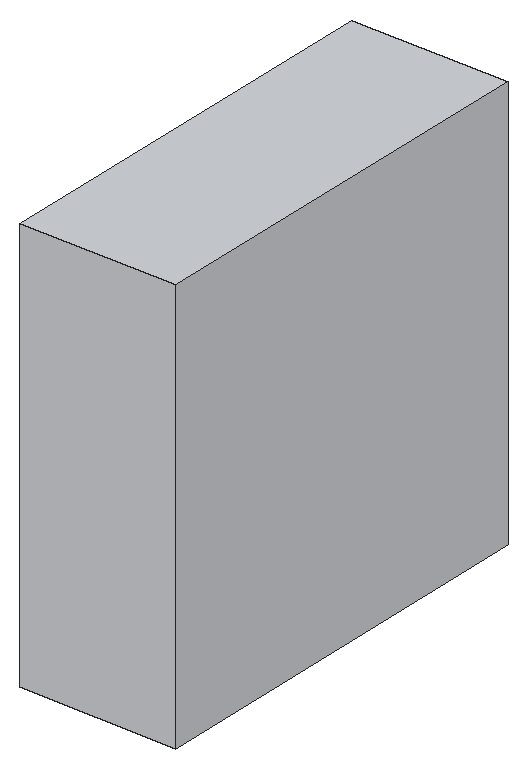
Revit family "70903ecc9f2a4392ab97c12284ca5457", category Duct Accessories, Revit 2021
Family settings
  Round Connector Dimension = Use Diameter
  Part Type = Damper
  OmniClass Number = 23.75.70.11.14.14
  OmniClass Title = Dampers for Air Ductwork
  Seek Item ID = Control Damper - Automatic - Rectangular-0000-USA-ENU
  Work Plane-Based = No
  Always vertical = Yes
  Cut with Voids When Loaded = No
  Shared = No
Parameters (values of type "Standard")
  Width 2 = 2 / 3 * Length 1  # 0' - 1.8"
  Width 1 [instance] = Damper Width + 0' 0 1/8"  # 1' - 4 1/8"
  Radius 1 = 0.3 * Width 2  # 0' - 0.54"
  Length 1 = 0.45 * Damper Length  # 0' - 2.7"
  Pressure Drop [instance] = 0.00 in-wg
  Duct Width [instance] = 12"
  Duct Height [instance] = 12"
  Default Elevation = 0' - 0"
  Damper Width [instance] = Duct Width + 0' 4"  # 1' - 4"
  Damper Material = none
  Damper Length = 0' - 6"
  Damper Height [instance] = Duct Height + 0' 4"  # 1' - 4"
Reference planes (in)
  plane 1 "Center (Front/Back)": y = 0
  plane 2: z = 0
  plane 3 "Center (Left/Right)": x = 0
  plane 4: x = -3
  plane 5: x = 3
  plane 6: y = 8
  plane 7: y = -8
  plane 8: z = 8
  plane 9: z = -8
  plane 10: y = 9.8
  plane 11: x = -1.35
  plane 12: x = 1.35
  plane 13: z = 0.9
  plane 14: z = -0.9
Forms (in)
  Extrusion 1, solid, material <- "Damper Material", detail levels fine
    sketch origin (0, 0, 0) x (1, 0, 0) y (0, 1, 0)
      loop
        line (-3, 8) -> (-3, -8) -> (3, -8) -> (3, 8) -> (-3, 8)
    from -8 to 8
  Extrusion 2, solid, material <- "Damper Material", detail levels fine
    sketch origin (0, 0, 0) x (1, 0, 0) y (0, 1, 0)
      loop
        line (-1.35, 9.8) -> (-1.35, 8) -> (1.35, 8) -> (1.35, 9.8) -> (-1.35, 9.8)
    from -0.9 to 0.9
  Extrusion 3, solid, material <- "Damper Material", detail levels coarse+medium
    sketch origin (0, 0, 0) x (1, 0, 0) y (0, 1, 0)
      loop
        line (-3, 8) -> (-3, -8) -> (3, -8) -> (3, 8) -> (-3, 8)
    from -8 to 8
Lines and regions (in)
  symbolic lines, detail levels coarse+medium
    curve 1: line (-3, 8, 0) -> (3, 8, 0)
    curve 2: line (-3, -8, 0) -> (-3, 8, 0)
    curve 3: line (3, -8, 0) -> (-3, -8, 0)
    curve 4: line (3, 8, 0) -> (3, -8, 0)
    curve 5: line (-1.35, 9.8, 0) -> (-1.35, 8, 0)
    curve 6: line (1.35, 9.8, 0) -> (1.35, 8, 0)
    curve 7: line (-1.35, 9.8, 0) -> (1.35, 9.8, 0)
Dimensions and locks (in)
  equal spacing: plane 4, plane 3 "Center (Left/Right)", plane 5
  "Damper Length": plane 4 to plane 5
  equal spacing: plane 6, plane 1 "Center (Front/Back)", plane 7
  "Damper Width": plane 6 to plane 7
  equal spacing: plane 8, plane 2, plane 9
  "Damper Height": plane 8 to plane 9
  "Width 2": plane 10 to plane 6
  equal spacing: plane 11, plane 3 "Center (Left/Right)", plane 12
  "Length 1": plane 11 to plane 12
  equal spacing: plane 13, plane 2, plane 14
  "Width 2": plane 13 to plane 14
  aligned and locked: plane 4 to Extrusion 1 sketch curve
  aligned and locked: Extrusion 1 sketch curve to plane 6
  aligned and locked: plane 7 to Extrusion 1 sketch curve
  aligned and locked: Extrusion 1 sketch curve to plane 5
  aligned and locked: Extrusion 1 to plane 9
  aligned and locked: plane 8 to Extrusion 1
  aligned and locked: plane 11 to Extrusion 2 sketch curve
  aligned and locked: Extrusion 2 sketch curve to plane 10
  aligned and locked: plane 6 to Extrusion 2 sketch curve
  aligned and locked: Extrusion 2 sketch curve to plane 12
  aligned and locked: Extrusion 2 to plane 14
  aligned and locked: plane 13 to Extrusion 2
  aligned and locked: plane 4 to curve 1
  aligned and locked: curve 1 to plane 6
  aligned and locked: plane 7 to curve 4
  aligned and locked: curve 4 to plane 5
  aligned and locked: plane 6 to curve 5
  aligned and locked: plane 10 to curve 6
  aligned and locked: plane 10 to curve 5
  aligned and locked: curve 5 to plane 11
  aligned and locked: curve 6 to plane 12
  aligned and locked: plane 4 to Extrusion 3 sketch curve
  aligned and locked: Extrusion 3 sketch curve to plane 6
  aligned and locked: plane 7 to Extrusion 3 sketch curve
  aligned and locked: Extrusion 3 sketch curve to plane 5
  aligned and locked: Extrusion 3 to plane 9
  aligned and locked: plane 8 to Extrusion 3
Connectors (in)
  hvac at (-3, 0, 0), driven by "Duct Height", driven by "Duct Width", driven by "Pressure Drop"
    settings: on Extrusion 1, index 1, duct flow 0 CFM, flow factor 0, pres drop 0.00 in-wg, loss coef 0, conn angle 0.00°, conn width 12", conn height 12", conn diameter 24", duct sys type 29, conn prof type 1, flow config 0, flow direction 0, loss method 4, conn ref index 2, conn util no, is conn primary yes, conn desc ""
  hvac at (3, 0, 0), driven by "Duct Height", driven by "Duct Width"
    settings: on Extrusion 1, index 2, duct flow 0 CFM, flow factor 0, pres drop 0.00 in-wg, loss coef 0, conn angle 0.00°, conn width 12", conn height 12", conn diameter 24", duct sys type 29, conn prof type 1, flow config 0, flow direction 0, loss method 4, conn ref index 1, conn util no, is conn primary no, conn desc ""
